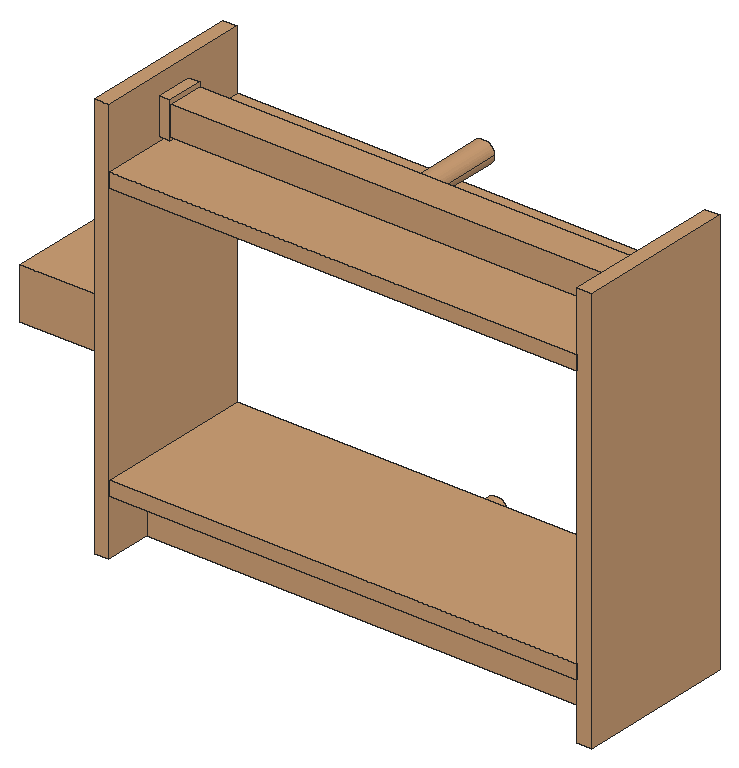
Revit family
Parameters
  Center Of Unit = 0' - 0"  # constant formula
  Water Pressure Drop [instance] = 0.00 psi
  Water Flow [instance] = 0 GPM
  Unit Weight (lbs) = 564
  URL = "http://www.ljwing.com/"
  Water Outlet Radius = 0' - 1 1/2"
  Water Outlet Odd sizes = 0' - 0"
  Total Heating Capacity [instance] = 0.0 Btu/h
  Temperature Rise [instance] = 0 °F
  Series = "VIFB"
  Outlet Area = 16.10 SF
  Number of Rows = 1  # constant formula
  Number of Coils [instance] = 0
  Nominal Length = 5' - 8 5/16"
  Model = "VB-6"
  Manufacturer = "LJ Wing"
  Leaving Water Temperature [instance] = 0 °F
  Leaving Air Temperature [instance] = 0 °F
  Face Velocity (FPM) [instance] = 0
  Entering Water Temperature [instance] = 0 °F
  Entering Air Temperature [instance] = 0 °F
  Description = "Vertical Integral Face & Bypass Water Heating Coils"
  Hot Water Odd Sizes = 0' - 0"
  Hot Water Inlet Offset = 0' - 4 3/8"  # constant formula
  Hot Water Inlet  Radius = 0' - 1 1/2"
  Coil Face Area = Outlet Area * 0.56  # 9.016 SF
  Casing Material = ""
  Assembly Code = "D3020300"
  Air Pressure Drop [instance] = 0.00 in-wg
  Air Inlet Width = Nominal Length - 0' 4"  # 5' - 4 5/16"
  Air Inlet Height = Y  # 3' - 0"
  Air Flow [instance] = 0 CFM
  Z = 0' - 2 1/8"
  Y = 3' - 0"
  S = 0' - 9 3/4"
  Product URL = "http://www.ljwing.com/html/vifb.asp"
  OmniClass = "23-75 70 21 14"
  Nominal Height = 4' - 8"
  Nominal Depth = 1' - 10"
  R = 0' - 10 1/4"
  Q = 0' - 4 5/32"
  P = 0' - 5 1/8"
  L = 0' - 5 15/16"
Reference planes (in)
  plane 1 "Center (Front/Back)": y = 0
  plane 2: z = -18
  plane 3 "Center (Left/Right)": x = 0
  plane 4: z = 28.25
  plane 5: x = -34.15625
  plane 6: x = 34.15625
  plane 7: z = -27.75
  plane 8: z = 0
  plane 9: y = -11
  plane 10: y = 11
  plane 11: z = 18
  plane 12: z = 20
  plane 13: z = -20
  plane 14: x = 32.15625
  plane 15: x = -32.15625
  plane 16: z = 23.125
  plane 17: z = -21.8125
  plane 18: x = -30
  plane 19: x = 30
  plane 20: y = 13.125
  plane 21: y = 15.375
  plane 22: x = -45.15625
  plane 23: x = 0
  plane 24: x = 0
  plane 25: z = 25.125
  plane 26: z = 21.125
  plane 27: y = -2.5
  plane 28: y = 2.5
  plane 29: y = -4.5
Forms (in)
  Extrusion 1, solid, material "Painted Finish"
    sketch origin (0, 6, -9.75) x (1, 0, 0) y (0, 0, 1)
      loop
        line (-34.15625, -18) -> (-32.15625, -18) -> (-32.15625, 38) -> (-34.15625, 38) -> (-34.15625, -18)
      loop
        line (34.15625, -18) -> (34.15625, 38) -> (32.15625, 38) -> (32.15625, -18) -> (34.15625, -18)
    from -5 to 17
  Extrusion 2, solid, material "Painted Finish"
    sketch origin (0, 6, 0) x (1, 0, 0) y (0, 0, 1)
      loop
        line (32.15625, -18) -> (-32.15625, -18) -> (-32.15625, -20) -> (32.15625, -20) -> (32.15625, -18)
      loop
        line (32.15625, 18) -> (32.15625, 20) -> (-32.15625, 20) -> (-32.15625, 18) -> (32.15625, 18)
    from -5 to 17
  Extrusion 3, solid, material "Painted Finish"
    sketch origin (0, 10, -0.5) x (1, 0, 0) y (0, 0, 1)
      loop
        line (-34.15625, 4) -> (-45.15625, 4) -> (-45.15625, -3) -> (-34.15625, -3) -> (-34.15625, 4)
    from 0 to 20
  Extrusion 4, solid, material "Painted Finish"
    sketch origin (0, 6, 0) x (1, 0, 0) y (0, 0, 1)
      loop
        line (-30.53125, 25.125) -> (-30.53125, 21.125) -> (30.53125, 21.125) -> (30.53125, 25.125) -> (-30.53125, 25.125)
    from 3.5 to 8.5
  Extrusion 5, solid, material "Painted Finish"
    sketch origin (0, 0, 0) x (1, 0, 0) y (0, 0, 1)
      loop
        line (-30.53125, 20.625) -> (-30.53125, 25.625) -> (-32.15625, 25.625) -> (-32.15625, 20.625) -> (-30.53125, 20.625)
      loop
        line (32.15625, 20.625) -> (32.15625, 25.625) -> (30.53125, 25.625) -> (30.53125, 20.625) -> (32.15625, 20.625)
    from -2.5 to 2.5
  Extrusion 6, solid, material "Painted Finish"
    sketch origin (0, 23, 0) x (1, 0, 0) y (0, 0, 1)
      loop
        circle (0, 23.125) r 1.5
    from 9.875 to 20.5
  Extrusion 7, solid, material "Painted Finish"
    sketch origin (0, 6, 0) x (1, 0, 0) y (0, 0, 1)
      loop
        line (-32.15625, -20) -> (-32.15625, -27.75) -> (32.15625, -27.75) -> (32.15625, -20) -> (-32.15625, -20)
    from -5 to 10.5
  Extrusion 8, solid, material "Painted Finish"
    sketch origin (0, 23, 0) x (1, 0, 0) y (0, 0, 1)
      loop
        circle (0, -21.8125) r 1.5
    from 7.625 to 12
  Extrusion 9, void
    sketch origin (0, 0, 0) x (1, 0, 0) y (0, 0, 1)
      loop
        line (-32.15625, 18) -> (-32.15625, -18) -> (32.15625, -18) -> (32.15625, 18) -> (-32.15625, 18)
    from -11 to 11
Cuts and joins
  Extrusion 9 cuts Extrusion 1
  Extrusion 9 cuts Extrusion 2
Dimensions and locks (in)
  "Nominal Length": plane 6 to plane 5
  equal spacing: plane 6, plane 3 "Center (Left/Right)", plane 5
  "S": plane 2 to plane 7
  "Nominal Depth": plane 10 to plane 9
  equal spacing: plane 10, plane 1 "Center (Front/Back)", plane 9
  "Y": plane 11 to plane 2
  "R": plane 4 to plane 11
  locked: plane 12 to plane 11 at 2
  locked: plane 2 to plane 13 at 2
  "P": plane 4 to plane 16
  "L": plane 17 to plane 7
  "Q": plane 18 to plane 5
  "Q": plane 6 to plane 19
  "Z": plane 20 to plane 10
  "Hot Water Inlet Offset": plane 21 to plane 10
  locked: plane 5 to plane 22 at 11
  locked: Extrusion 3 sketch curve to Extrusion 3 sketch curve at 7
  locked: Extrusion 3 to Extrusion 3 at 20
  locked: plane 6 to plane 14 at 2
  locked: plane 15 to plane 5 at 2
  "Water Outlet Odd sizes": plane 23 to plane 3 "Center (Left/Right)"
  "Hot Water Odd Sizes": plane 3 "Center (Left/Right)" to plane 24
  equal spacing: plane 25, plane 16, plane 26
  locked: Extrusion 5 sketch curve to plane 25 at 0.5
  locked: plane 26 to Extrusion 5 sketch curve at 0.5
  locked: Extrusion 6 sketch curve to plane 16 at 0
  locked: Extrusion 6 sketch curve to plane 23 at 0
  locked: Extrusion 8 sketch curve to plane 17 at 0
  locked: Extrusion 8 sketch curve to plane 24 at 0
  locked: plane 25 to plane 26 at 4
  locked: plane 28 to plane 27 at 5
  equal spacing: plane 28, plane 1 "Center (Front/Back)", plane 27
  locked: plane 27 to plane 29 at 2
  plane 4 to plane 7 = 4' - 8"
  locked: Extrusion 5 sketch curve to Extrusion 1 at 1.625
  locked: Extrusion 5 sketch curve to Extrusion 5 sketch curve at 1.625
  locked: Extrusion 9 sketch curve to plane 11 at 0
  locked: Extrusion 9 sketch curve to plane 15 at 0
  locked: Extrusion 9 sketch curve to plane 14 at 0
  locked: Extrusion 9 sketch curve to plane 2 at 0
  equal spacing: plane 11, plane 8, plane 2
  "Water Outlet Radius": radius of Extrusion 6 sketch curve
  "Hot Water Inlet  Radius": radius of Extrusion 8 sketch curve
  aligned and locked: Extrusion 1 to plane 9
  aligned and locked: Extrusion 1 to plane 10
  aligned and locked: plane 15 to Extrusion 1
  aligned and locked: Extrusion 1 to plane 14
  aligned and locked: plane 9 to Extrusion 2
  aligned and locked: plane 9 to Extrusion 1
  aligned and locked: plane 10 to Extrusion 1  (x2)
  aligned and locked: Extrusion 2 to plane 10
  aligned and locked: plane 10 to Extrusion 2  (x2)
  aligned and locked: Extrusion 2 to plane 9  (x2)
  aligned and locked: plane 5 to Extrusion 3
  aligned and locked: Extrusion 5 sketch curve to plane 15
  aligned and locked: Extrusion 5 sketch curve to Extrusion 4
  aligned and locked: Extrusion 6 to plane 20
  aligned and locked: Extrusion 1 to Extrusion 7
  aligned and locked: plane 10 to Extrusion 8
  aligned and locked: Extrusion 8 to plane 21  (x2)
  aligned and locked: plane 27 to Extrusion 5
  aligned and locked: Extrusion 5 to Extrusion 4  (x2)
  aligned and locked: Extrusion 5 to plane 28
  aligned and locked: Extrusion 6 to Extrusion 4
  aligned and locked: Extrusion 7 to plane 29  (x2)
  aligned and locked: Extrusion 8 to Extrusion 7
  aligned and locked: Extrusion 4 to Extrusion 5  (x2)
  aligned and locked: Extrusion 5 to Extrusion 1  (x2)
  aligned and locked: plane 2 to Extrusion 2
  aligned and locked: plane 6 to Extrusion 1 sketch curve
  aligned and locked: plane 14 to Extrusion 1 sketch curve
  aligned and locked: Extrusion 1 sketch curve to plane 15
  aligned and locked: Extrusion 1 sketch curve to plane 5
  aligned and locked: plane 7 to Extrusion 1 sketch curve  (x2)
  aligned and locked: Extrusion 1 sketch curve to plane 4  (x2)
  aligned and locked: Extrusion 2 sketch curve to plane 11
  aligned and locked: Extrusion 2 sketch curve to plane 12
  aligned and locked: Extrusion 2 sketch curve to plane 14  (x2)
  aligned and locked: Extrusion 2 sketch curve to plane 15  (x2)
  aligned and locked: Extrusion 2 sketch curve to plane 13
  aligned and locked: plane 2 to Extrusion 2 sketch curve
  aligned and locked: plane 13 to Extrusion 7 sketch curve
  aligned and locked: Extrusion 7 sketch curve to plane 7
  aligned and locked: Extrusion 7 sketch curve to plane 14
  aligned and locked: plane 15 to Extrusion 7 sketch curve
  aligned and locked: cut or joined group of Extrusion 1, Extrusion 9 to plane 10
Automatic sketch dimensions
  Extrusion 3 sketch curve to plane 22 = 0' - 0"
  Extrusion 3 sketch curve to plane 5 = 0' - 0"
  plane 8 to Extrusion 3 sketch curve = 0' - 3 1/2"
  Extrusion 4 sketch curve to plane 25 = 0' - 0"
  Extrusion 4 sketch curve to plane 26 = 0' - 0"
  Extrusion 4 sketch curve to plane 18 = 0' - 0 17/32"
  plane 19 to Extrusion 4 sketch curve = 0' - 0 17/32"
  plane 26 to Extrusion 5 sketch curve = 0' - 0 1/2"
  Extrusion 5 sketch curve to plane 25 = 0' - 0 1/2"
Connectors (in)
  hvac at (0, -11, 0), driven by "Air Inlet Height", driven by "Air Inlet Width", driven by "Air Flow", driven by "Air Pressure Drop"
    settings: on Extrusion 9, index 1
  hvac at (0, 11, 0), driven by "Air Pressure Drop", driven by "Air Inlet Height", driven by "Air Inlet Width", driven by "Air Flow"
    settings: on Extrusion 9, index 2
  piping at (0, 13.125, 23.125), driven by "Water Flow", driven by "Water Outlet Radius", driven by "Water Pressure Drop"
    settings: on Extrusion 6, index 3
  piping at (0, 15.375, -21.8125), driven by "Water Flow", driven by "Water Pressure Drop", driven by "Hot Water Inlet  Radius"
    settings: on Extrusion 8, index 4
